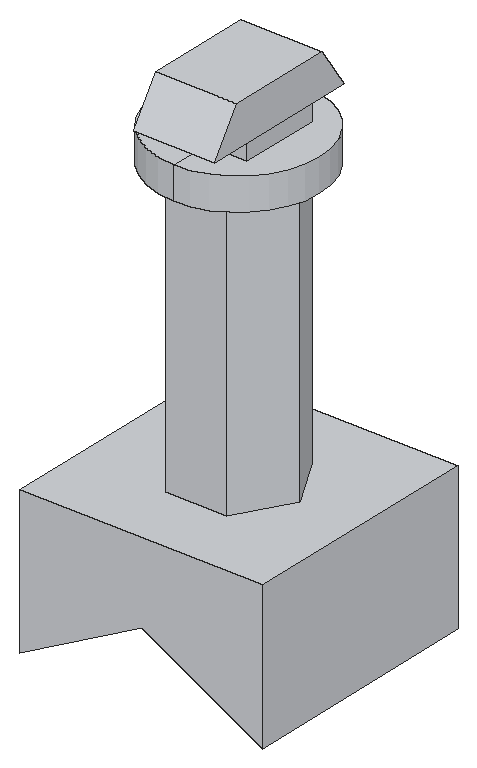
Revit family "Gripple Twist Clamp", category Specialty Equipment, Revit 2017
Family settings
  Round Connector Dimension = Use Diameter
  Part Type = Normal
  OmniClass Number = 23.45.00.00
  OmniClass Title = Sanitary, Laundry, and Cleaning Equipment
  Work Plane-Based = Yes
  Always vertical = No
  Cut with Voids When Loaded = No
  Shared = Yes
  Room Calculation Point = No
Parameters (values of type "QT-T")
  WD = 2 mm  # constant formula
  W/2 = W / 2  # 15 mm
  W = 30 mm  # constant formula
  HW = 10 mm  # constant formula
  HL = 20 mm  # constant formula
  CAF = 13 mm  # constant formula
  CD = 20 mm  # constant formula
  URL = "http://www.gripple.co.uk/images/Markets/Building%20Services/Products/Pipe%20Solutions/Pipe%20Bracket%20%26%20Twist%20Clamp%20System/Downloads/BUS-PI-MEP-ENG-TWIST%20CLAMP.pdf"
  T = 2 mm  # constant formula
  Model = "Quarter Turn Clamp - Standard"
  Manufacturer = "Gripple Ltd"
  Keynote = ""
  H = 35 mm
  Go To URL [instance] = "http://www.gripple.co.uk/images/Markets/Building%20Services/Products/Pipe%20Solutions/Pipe%20Bracket%20%26%20Twist%20Clamp%20System/Downloads/BUS-PI-MEP-ENG-TWIST%20CLAMP.pdf"
  Default Elevation = 0 mm
  Cost = 0
  C = 4 mm  # constant formula
  B = 10 mm  # constant formula
  Assembly Code = "QT-T"
  A = 7 mm  # constant formula
  -width/2 = -W / 2  # -15 mm
Types (2, lengths in mm): name | Model | H | Assembly Code
  QT-T | "Quarter Turn Clamp - Standard" | 35 | "QT-T"
  QT-C | "Quarter Turn Clamp - Compact" | 1 | "QT-C"
Reference planes
  plane 1 "Center (Front/Back)": y = 0
  plane 2: z = 0
  plane 3 "Center (Left/Right)": x = 0
  plane 4: y = 15
  plane 5: y = -15
  plane 6: x = -15
  plane 7: x = 15
  plane 8: z = 2
  plane 9: z = 7
  plane 10: z = -4
  plane 11 "b1": z = -39
  plane 12: z = -49
  plane 13: z = -57.022
  plane 14 "hw1": x = -5
  plane 15 "hw2": x = 5
  plane 16 "c1": y = 6.5
  plane 17 "c2": y = -6.5
  plane 18: y = 10
  plane 19: y = -10
  plane 20 "hl2": y = -10
  plane 21 "hl1": y = 10
Forms (mm)
  Extrusion 1, solid
    sketch origin (0, 0, 0) x (1, 0, 0) y (0, 0, 1)
      loop
        line (-15, -39) -> (-15, -57.022) -> (0, -49) -> (15, -57.022) -> (15, -39) -> (-15, -39)
    from -15 <- "-width/2" to 15 <- "W/2"
  Revolve 2, solid
    sketch origin (0, 0, 0) x (0, 1, 0) y (0, 0, 1)
      loop
        line (0, 0) -> (0, -4) -> (10, -4) -> (10, 0) -> (0, 0)
      axis (0, 0) -> (0, -4)
    angle from 0 to 360
  Extrusion 3, solid
    sketch origin (0, 0, 0) x (1, 0, 0) y (0, 1, 0)
      loop
        line (-5, 5) -> (-5, -5) -> (5, -5) -> (5, 5) -> (-5, 5)
    from 0 to 2 <- "T"
  Extrusion 4, solid
    sketch origin (0, 0, 0) x (0, 1, 0) y (0, 0, 1)
      loop
        line (10, 2) -> (6.5, 7) -> (-6.5, 7) -> (-10, 2) -> (10, 2)
    from -5 to 5
  Extrusion 5, solid
    sketch origin (0, 0, -39) x (0, -1, 0) y (1, 0, 0)
      loop
        line (-6.5, 3.753) -> (-6.5, -3.753) -> (0, -7.506) -> (6.5, -3.753) -> (6.5, 3.753) -> (0, 7.506) -> (-6.5, 3.753)
    from 0 to 35 <- "H"
Dimensions and locks
  equal spacing: plane 7, plane 3 "Center (Left/Right)", plane 6
  "A": plane 9 to level
  "T": plane 8 to level
  "C": level to plane 10
  "H": plane 10 to plane 11 "b1"
  "B": plane 11 "b1" to plane 12
  equal spacing: plane 15 "hw2", plane 3 "Center (Left/Right)", plane 14 "hw1"
  "HW": plane 15 "hw2" to plane 14 "hw1"
  "W": plane 7 to plane 6
  equal spacing: plane 4, plane 1 "Center (Front/Back)", plane 5
  "W": plane 4 to plane 5
  equal spacing: plane 16 "c1", plane 1 "Center (Front/Back)", plane 17 "c2"
  "CAF": plane 16 "c1" to plane 17 "c2"
  equal spacing: plane 18, plane 1 "Center (Front/Back)", plane 19
  "CD": plane 18 to plane 19
  "HL": plane 21 "hl1" to plane 20 "hl2"
  equal spacing: plane 21 "hl1", plane 1 "Center (Front/Back)", plane 20 "hl2"
  equal spacing: Extrusion 3 sketch curve, plane 1 "Center (Front/Back)", Extrusion 3 sketch curve
  "HW": Extrusion 3 sketch curve to Extrusion 3 sketch curve
  "CAF": Extrusion 5 sketch curve to Extrusion 5 sketch curve  (x2)
  locked: plane 11 "b1" to plane 13 at 18.022
  aligned and locked: level to plane 2
  aligned and locked: plane 11 "b1" to Extrusion 1 sketch curve
  aligned and locked: plane 7 to Extrusion 1 sketch curve
  aligned and locked: plane 6 to Extrusion 1 sketch curve
  aligned and locked: plane 1 "Center (Front/Back)" to Revolve 2 sketch curve  (x2)
  aligned and locked: Revolve 2 sketch curve to plane 10
  aligned and locked: Revolve 2 sketch curve to plane 18
  aligned and locked: level to Revolve 2 sketch curve
  aligned and locked: plane 9 to Revolve 2 sketch curve
  aligned and locked: plane 14 "hw1" to Extrusion 3 sketch curve
  aligned and locked: plane 15 "hw2" to Extrusion 3 sketch curve
  aligned and locked: plane 8 to Extrusion 4 sketch curve
  aligned and locked: plane 9 to Extrusion 4 sketch curve
  aligned and locked: plane 16 "c1" to Extrusion 5 sketch curve
  aligned and locked: plane 17 "c2" to Extrusion 5 sketch curve
Automatic sketch dimensions
  Extrusion 1 sketch curve to plane 3 "Center (Left/Right)" = 0 mm
  Extrusion 1 sketch curve to plane 13 = 0 mm  (x2)
  Extrusion 1 sketch curve to plane 12 = 0 mm
  plane 13 to Revolve 2 sketch curve = 0 mm
  Extrusion 4 sketch curve to plane 19 = 0 mm
  Extrusion 4 sketch curve to plane 17 "c2" = 0 mm
  Extrusion 4 sketch curve to plane 16 "c1" = 0 mm
  Extrusion 4 sketch curve to plane 18 = 0 mm
  plane 1 "Center (Front/Back)" to Extrusion 5 sketch curve = 0 mm  (x2)
  Extrusion 5 sketch curve to plane 14 "hw1" = 2.506 mm
  plane 14 "hw1" to Extrusion 5 sketch curve = 1.247 mm
